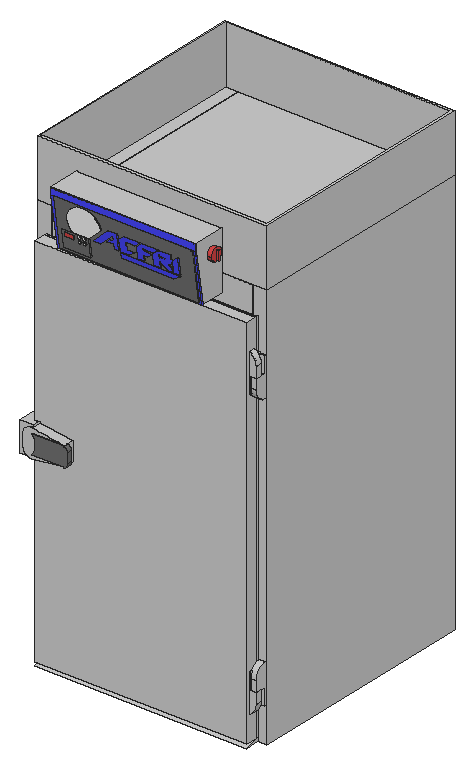
Revit family "QF_ACFRI_AR80-P740.190709093219", category Specialty Equipment, Revit 2016
Family settings
  Part Type = Normal
  Round Connector Dimension = Use Diameter
  OmniClass Number = 23.40.40.14
  OmniClass Title = Food Service Equipment
  Work Plane-Based = No
  Always vertical = Yes
  Cut with Voids When Loaded = No
  Shared = No
  Room Calculation Point = No
Parameters (values of type "AR80-P740_400V/0Ph/50Hz")
  URL catalogue = ""
  URL = "www.acfri.com"
  Type de Raccord Electrique [instance] = ""
  Type article [instance] = ""
  Tension = 400 V
  Status [instance] = ""
  Spécification technique = ""
  Spécification du Fabricant [instance] = ""
  Spécification de l'Utilisateur [instance] = ""
  SMACNA No spécifique pour les matériaux  Etats Unis = ""
  Quantité par lot [instance] = no
  Puissance électrique  = 5635 W
  Puissance en CV = ""
  Puissance Apparente = 5635 VA
  Protection de l'Appareil = 0 A
  Profondeur hors tout = 1145 mm
  Poids net à vide = 0.00 kg
  Phase = 1
  Numéro de Série = ""
  Nombres de Pôles = 1
  Nombre d'identification NAFEM = ""
  Model = "AR80-P740"
  Manufacturer = "ACFRI"
  Longueur hors tout = 1120 mm
  Intensité nominale courant electrique = 7 A
  Installé Par [instance] = ""
  Identifiant Equipement [instance] = no
  Hauteur hors tout = 2270 mm
  Hauteur de Raccordement du Sol Finis [instance] = 50 mm
  Hauteur de Raccordement du Sol Brut [instance] = 0 mm
  Fréquence = 50 Hz
  Fournis Par [instance] = ""
  Description = "CELLULE SÉRIE COMPACT À CHARIOT REFROIDISSEMENT, GROUPE À AIR À DISTANCE BASIC"
  Câble de connexion à l'appareil inclus = no
  Cost = 0
  Consommation d'énergie minimale = 0 A
  Connexion prise électrique  = ""
  Code de Révision [instance] = ""
  Classification dans le projet = ""
  Classement sismique = ""
  Accessoires = no
Reference planes
  plane 1 "Centre (avant/arrière)": y = 0
  plane 2: z = 0
  plane 3 "Centre (gauche/droite)": x = 0
Forms (mm)
  Extrusion 1, solid, not visible
    sketch origin (49, -2, 49) x (1, 0, 0) y (0, 1, 0)
      loop
        line (0, 0) -> (2, 0) -> (2, 2) -> (0, 2) -> (0, 0)
    from 0 to 2
Dimensions and locks
  aligned and locked: level to plane 2
Nested families
  nested 1: "QF_ACFRI_AR80-P740_400V_0Ph_50Hz" at (0, 0, 0), type "AR80-P740_400V/0Ph/50Hz"
    with Show Logo yes, Show Clearance yes
  nested 2: "QF_ACFRI_AR80-P740_DOOR_RX" at (0, 0, 0), type "AR80-P740_DOOR_RX"
    with Show Logo yes, Show Clearance yes
  nested 3: "QF_ACFRI_AR80-P740_COVER" at (0, 0, 0), type "AR80-P740_COVER"
    with Show Logo yes, Show Clearance yes
Connectors
  electrical at (50, 0, 50), driven by "Puissance Apparente", driven by "Nombres de Pôles", driven by "Tension"
    settings: on Extrusion 1, index 1, voltage 400 V, apparent load 0 VA, apparent load phase1 5635 VA, apparent load phase2 0 VA, apparent load phase3 0 VA, power factor 1, load classification "Other", number of poles 1, system type 31, power factor state 1, is connector primary yes, connector utility no, sub classification motor no, connector description "Electric connection for 'AR80-P740'"
Definition of nested family "QF_ACFRI_AR80-P740_400V_0Ph_50Hz"
  Parameters (values of type "AR80-P740_400V/0Ph/50Hz")
    URL = "www.acfri.com"
    Show Logo [instance] = yes
    Show Clearance [instance] = yes
    Model = "AR80-P740"
    Manufacturer = "ACFRI"
    Description = "ROLL-IN, COMPACT SERIES BLAST CHILLING, BASIC REMOTE AIR COOLED CONDENSING UNIT"
    Assembly Code = "E1090320"
  Types (3, lengths in mm): name | Model
    AR80-P740_400V/0Ph/50Hz | "AR80-P740"
    AR160-CPT | "AR160-CPT"
    AR160-N7 | "AR160-N7"
  Reference planes
    plane 1 "Back": y = 0
    plane 2: z = 0
    plane 3 "Left": x = 0
    plane 4 "Right": x = 1120
    plane 5 "Front": y = -1145
    plane 6 "Top": z = 2270
  Forms (mm)
    Extrusion 1, solid
      sketch origin (0, 0, -150) x (0, 1, 0) y (0, 0, 1)
        loop
          line (0, 2137.146) -> (-1145, 2137.146) -> (-1145, 150) -> (0, 150) -> (0, 2137.146)
      from 0 to 69.921
    Extrusion 2, solid
      sketch origin (182.316, -444.562, 282.298) x (0, 1, 0) y (0, 0, 1)
        loop
          line (-860.438, 1899.473) -> (-860.438, 1866.552) -> (-820.062, 1616.095) -> (-700.438, 1616.095) -> (-700.438, 1899.473) -> (-860.438, 1899.473)
      from 12.404 to 717.404
    Extrusion 3, solid
      sketch origin (0, -444.562, -150) x (1, 0, 0) y (0, 0, 1)
        loop
          line (44.439, 2007.452) -> (44.439, 167.649) -> (1075.481, 167.649) -> (1075.481, 2007.452) -> (44.439, 2007.452)
        loop
          line (69.921, 1982.146) -> (69.921, 187.955) -> (1050, 187.955) -> (1050, 1982.146) -> (69.921, 1982.146)
      from 700.438 to 711.223
    Extrusion 4, solid
      sketch origin (1058.08, 0, -150) x (0, 1, 0) y (0, 0, 1)
        loop
          line (0, 2137.146) -> (-1145, 2137.146) -> (-1145, 150) -> (0, 150) -> (0, 2137.146)
      from -8.08 to 61.92
    Extrusion 5, solid
      sketch origin (0, 0, -150) x (0, 1, 0) y (0, 0, 1)
        loop
          line (-1145, 2137.146) -> (-1145, 1982.146) -> (-1074.745, 1982.146) -> (-1074.745, 2052.146) -> (-68.458, 2052.146) -> (-68.458, 167) -> (-1145, 167) -> (-1145, 150) -> (0, 150) -> (0, 2137.146) -> (-1145, 2137.146)
      from 69.921 to 1050
    Extrusion 6, solid
      sketch origin (182.316, -444.562, 282.298) x (0, 1, 0) y (0, 0, 1)
        loop
          circle (-764.498, 1820.753) r 30.24
      from 717.404 to 742.404
    Extrusion 7, solid
      sketch origin (182.316, -444.562, 282.298) x (0, 1, 0) y (0, 0, 1)
        loop
          line (-759.416, 1843.51) -> (-767.3, 1843.902) -> (-769.581, 1797.996) -> (-761.696, 1797.604) -> (-759.416, 1843.51)
      from 742.404 to 757.404
    Extrusion 8, solid
      sketch origin (182.316, -444.562, 282.298) x (0, 1, 0) y (0, 0, 1)
        loop
          line (-860.438, 1866.552) -> (-862.464, 1866.552) -> (-823.174, 1622.834) -> (-821.149, 1622.834) -> (-860.438, 1866.552)
      from 26.504 to 703.304
    Extrusion 9, solid
      sketch origin (182.316, -444.562, 282.298) x (0, 1, 0) y (0, 0, 1)
        loop
          line (-859.438, 1899.473) -> (-861.438, 1899.473) -> (-861.438, 1866.392) -> (-821.088, 1616.095) -> (-819.062, 1616.095) -> (-859.438, 1866.552) -> (-859.438, 1899.473)
      from 12.404 to 717.404
    Extrusion 10, solid
      sketch origin (136.165, -1211.341, 1555.306) x (1, 0, 0) y (0, -0.159156, 0.987253)
        loop
          line (93.554, 456.477) -> (93.554, 370.438) -> (228.354, 370.438) -> (228.354, 456.477) -> (93.554, 456.477)
      from 0 to 2
    Extrusion 11, solid
      sketch origin (136.165, -1211.341, 1555.306) x (1, 0, 0) y (0, -0.159156, 0.987253)
        loop
          line (108.554, 446.477) -> (108.554, 426.477) -> (153.209, 426.477) -> (153.209, 446.477) -> (108.554, 446.477)
      from 0 to 2.5
    Extrusion 12, solid
      sketch origin (136.165, -1211.341, 1555.306) x (1, 0, 0) y (0, -0.159156, 0.987253)
        loop
          circle (180.595, 446.477) r 7.041
        loop
          circle (205.595, 446.477) r 6.977
        loop
          circle (180.595, 426.477) r 6.969
        loop
          circle (205.595, 426.477) r 6.966
      from 0 to 2.5
    Extrusion 13, solid, visible <- "Show Logo"
      sketch origin (234.825, -1224.491, 1643.163) x (1, 0, 0) y (0, -0.159156, 0.987253)
        loop
          line (129.695, 367.647) -> (196.524, 434.476)
          arc (196.524, 434.476) -> (78.635, 500.079) -> (52.881, 367.647) r 83.333
          line (52.881, 367.647) -> (129.695, 367.647)
      from 0 to 2.5
    Extrusion 14, solid, visible <- "Show Logo"
      sketch origin (69.786, -1224.491, 1643.163) x (1, 0, 0) y (0, -0.159156, 0.987253)
        loop
          line (318.631, 367.647) -> (353.299, 367.647) -> (418.664, 433.012) -> (418.664, 406.346) -> (398.768, 406.346) -> (383.537, 391.115) -> (418.664, 391.115) -> (418.664, 367.647) -> (441.167, 367.647) -> (441.167, 447.647) -> (398.631, 447.647) -> (318.631, 367.647)
        loop
          line (448.944, 367.647) -> (493.774, 367.647) -> (521.549, 389.347) -> (479.182, 389.347) -> (479.182, 425.709) -> (524.998, 425.709) -> (553.077, 447.647) -> (475.047, 447.647) -> (448.944, 427.254) -> (448.944, 367.647)
        loop
          line (532.515, 367.647) -> (565.319, 367.647) -> (565.319, 394.314) -> (583.754, 394.314) -> (607.252, 414.031) -> (565.319, 414.031) -> (565.319, 425.49) -> (611.115, 425.49) -> (639.475, 447.647) -> (562.906, 447.647) -> (532.515, 422.146) -> (532.515, 367.647)
        loop
          line (611.712, 367.647) -> (644.318, 367.647) -> (644.318, 395.695) -> (682.923, 367.647) -> (702.113, 367.647) -> (702.113, 386.053) -> (689.341, 396.77) -> (702.113, 406.748) -> (702.113, 447.647) -> (647.314, 447.647) -> (611.712, 417.774) -> (611.712, 367.647)
        loop
          line (644.318, 425.49) -> (644.318, 414.031) -> (672.553, 414.031) -> (672.553, 425.49) -> (644.318, 425.49)
        loop
          line (708.789, 367.647) -> (739.436, 367.647) -> (739.436, 447.647) -> (708.789, 423.703) -> (708.789, 367.647)
        loop
          line (448.944, 360.305) -> (448.944, 337.873) -> (706.045, 337.873) -> (739.301, 360.305) -> (448.944, 360.305)
      from 0 to 2.5
    Extrusion 15, solid
      sketch origin (0, 5, 0) x (1, 0, 0) y (0, 0, 1)
        loop
          circle (50, 50) r 5
      from 0 to 5
    Extrusion 16, solid
      sketch origin (0, -160, 0) x (0, 1, 0) y (0, 0, 1)
        loop
          line (-985, 0) -> (-985, 17) -> (-1055, 0) -> (-985, 0)
      from 44.439 to 1075.561
  Lines and regions (mm)
    symbolic lines
      curve 1: line (0, 0, 0) -> (1120, 0, 0)
      curve 2: line (0, -1145, 0) -> (0, 0, 0)
      curve 3: line (1120, -1145, 0) -> (0, -1145, 0)
      curve 4: line (1120, 0, 0) -> (1120, -1145, 0)
      curve 5: line (194.72, -1145, 0) -> (194.72, -1305, 0)
      curve 6: line (194.72, -1305, 0) -> (899.72, -1305, 0)
      curve 7: line (899.72, -1305, 0) -> (899.72, -1145, 0)
      curve 8: line (924.72, -1178.82, 0) -> (899.72, -1178.82, 0)
      curve 9: line (924.72, -1178.82, 0) -> (924.72, -1239.3, 0)
      curve 10: line (924.72, -1239.3, 0) -> (899.72, -1239.3, 0)
      curve 11: line (939.72, -1214.142, 0) -> (939.72, -1203.977, 0)
      curve 12: line (939.72, -1203.977, 0) -> (924.72, -1203.977, 0)
      curve 13: line (939.72, -1214.142, 0) -> (924.72, -1214.142, 0)
      curve 14: line (44.439, -1145, 0) -> (44.439, -1215, 0)
      curve 15: line (1075.561, -1145, 0) -> (1075.561, -1215, 0)
      curve 16: line (44.439, -1215, 0) -> (194.72, -1215, 0)
      curve 17: line (1075.561, -1215, 0) -> (924.72, -1215, 0)
  Dimensions and locks
    plane 3 "Left" to plane 4 "Right" = 1120 mm
    plane 5 "Front" to plane 1 "Back" = 1145 mm
    plane 6 "Top" to level = 2270 mm
    aligned and locked: level to plane 2
  Connectors
    electrical at (50, 5, 50)
      settings: on Extrusion 15, index 1, voltage 0 V, apparent load 0 VA, apparent load phase1 0 VA, apparent load phase2 0 VA, apparent load phase3 0 VA, power factor 1, load classification none, number of poles 1, system type 31, power factor state 1, is connector primary yes, connector utility no, sub classification motor no, connector description "Electrical connection"
Definition of nested family "QF_ACFRI_AR80-P740_DOOR_RX"
  Parameters (values of type "AR80-P740_DOOR_RX")
    URL catalogue [instance] = ""
    URL = "www.acfri.com"
    Status [instance] = ""
    Spécification technique [instance] = ""
    Spécification du Fabricant [instance] = ""
    Spécification de l'Utilisateur [instance] = ""
    Show Logo [instance] = yes
    Show Clearance [instance] = yes
    SMACNA No spécifique pour les matériaux  Etats Unis [instance] = ""
    Quantité par lot [instance] = no
    Profondeur hors tout [instance] = 60 mm
    Poids net à vide [instance] = 0.00 kg
    Numéro de Série [instance] = ""
    Nombre d'identification NAFEM [instance] = ""
    Model = "AR80-P740_DOOR_RX"
    Manufacturer = "ACFRI"
    Longueur hors tout [instance] = 1030 mm
    Installé Par [instance] = ""
    Identifiant Equipement [instance] = no
    Hauteur hors tout [instance] = 1840 mm
    Fournis Par [instance] = ""
    Description = "PORTE AVEC OUVERTURE DROITE"
    Cost = 0
    Code de Révision [instance] = ""
    Classification dans le projet [instance] = ""
    Classement sismique [instance] = ""
    Assembly Code = "E1090320"
    Accessoires [instance] = yes
  Reference planes
    plane 1 "Back": y = 0
    plane 2: z = 0
    plane 3 "Left": x = 0
    plane 4 "Right": x = 1120
    plane 5 "Front": y = -1145
    plane 6 "Top": z = 2270
  Forms (mm)
    Extrusion 1, solid
      sketch origin (100, -160, 0) x (1, 0, 0) y (0, 0, 1)
        loop
          line (-55.561, 1857.452) -> (-55.561, 17.649) -> (975.561, 17.649) -> (975.561, 1857.452) -> (-55.561, 1857.452)
      from 995.785 to 1055
    Extrusion 2, solid
      sketch origin (116.532, -160, 0) x (1, 0, 0) y (0, 0, 1)
        loop
          line (113.468, 1049.125) -> (-48.815, 1069.051)
          arc (-48.815, 1069.051) -> (-79.244, 1056.446) -> (-91.848, 1026.017) r 43.033
          line (-91.848, 1026.017) -> (-91.848, 978.102)
          arc (-91.848, 978.102) -> (-79.244, 947.673) -> (-48.815, 935.069) r 43.033
          line (-48.815, 935.069) -> (113.468, 954.995) -> (113.468, 1049.125)
      from 1055.785 to 1105.372
    Extrusion 3, solid
      sketch origin (116.532, -1271.785, 0) x (1, 0, 0) y (0, 0, 1)
        loop
          arc (134.453, 1025.73) -> (127.816, 1041.753) -> (111.793, 1048.39) r 22.66
          line (111.793, 1048.39) -> (-40.547, 1048.39)
          arc (-40.547, 1048.39) -> (-24.991, 1002.06) -> (-40.547, 955.73) r 76.77
          line (-40.547, 955.73) -> (111.793, 955.73)
          arc (111.793, 955.73) -> (127.816, 962.367) -> (134.453, 978.39) r 22.66
          line (134.453, 978.39) -> (134.453, 1025.73)
      from -19.846 to 0.154
    Extrusion 4, solid
      sketch origin (328.698, 30, 0) x (0, 1, 0) y (0, 0, 1)
        loop
          line (-1175, 1703.284) -> (-1185, 1703.284) -> (-1185, 1623.308) -> (-1233.008, 1623.308) -> (-1233.008, 1571.46)
          arc (-1233.008, 1571.46) -> (-1216.018, 1530.442) -> (-1175, 1513.452) r 58.008
          line (-1175, 1513.452) -> (-1175, 1703.284)
      from 756.862 to 786.362
    Extrusion 5, solid
      sketch origin (-99.439, -1959.87, 3246.615) x (-1, 0, 0) y (0, 0, 1)
        loop
          line (-1175, -1703.284) -> (-1175, -1516.484)
          arc (-1175, -1516.484) -> (-1203.601, -1537.613) -> (-1214.5, -1571.46) r 58.008
          line (-1214.5, -1571.46) -> (-1214.5, -1623.308) -> (-1185, -1623.308) -> (-1185, -1703.284) -> (-1175, -1703.284)
      from 756.862 to 786.362
    Extrusion 6, solid
      sketch origin (328.698, 30, 1875.101) x (0, 1, 0) y (0, 0, 1)
        loop
          line (-1175, -1703.284) -> (-1175, -1513.452)
          arc (-1175, -1513.452) -> (-1216.018, -1530.442) -> (-1233.008, -1571.46) r 58.008
          line (-1233.008, -1571.46) -> (-1233.008, -1623.308) -> (-1185, -1623.308) -> (-1185, -1703.284) -> (-1175, -1703.284)
      from 756.862 to 786.362
    Extrusion 7, solid
      sketch origin (-99.439, -1959.87, -1371.514) x (-1, 0, 0) y (0, 0, 1)
        loop
          line (-1175, 1703.284) -> (-1185, 1703.284) -> (-1185, 1623.308) -> (-1214.5, 1623.308) -> (-1214.5, 1571.46)
          arc (-1214.5, 1571.46) -> (-1203.601, 1537.613) -> (-1175, 1516.484) r 58.008
          line (-1175, 1516.484) -> (-1175, 1703.284)
      from 756.862 to 786.362
    Extrusion 8, solid
      sketch origin (0, -160, 0) x (1, 0, 0) y (0, 0, 1)
        loop
          line (67.717, 1069.051) -> (67.717, 1074.051) -> (0, 1074.051) -> (0, 930.069) -> (67.717, 930.069) -> (67.717, 935.069)
          arc (67.717, 935.069) -> (37.288, 947.673) -> (24.684, 978.102) r 43.033
          line (24.684, 978.102) -> (24.684, 1026.017)
          arc (24.684, 1026.017) -> (37.288, 1056.446) -> (67.717, 1069.051) r 43.033
      from 985 to 1091.939
    Extrusion 9, solid, visible <- "Show Clearance", detail levels coarse
      sketch origin (100, -160, 0) x (1, 0, 0) y (0, 1, 0)
        loop
          line (975.561, -1055) -> (-55.561, -1055)
          arc (-55.561, -1055) -> (225.535, -1762.582) -> (915.561, -2084.374) r 1031.121
          line (915.561, -2084.374) -> (975.561, -2084.374) -> (975.561, -1055)
      from 17.649 to 1857.452
  Lines and regions (mm)
    symbolic lines, visible <- "Show Clearance"
      curve 1: line (1075.561, -2244.374, 0) -> (1075.561, -1215, 0)
      curve 2: line (1015.561, -2244.374, 0) -> (1075.561, -2244.374, 0)
      curve 3: line (1015.561, -2244.374, 0) -> (1015.561, -1215, 0)
      curve 4: arc (1015.561, -2244.374, 0) -> (325.535, -1922.582, 0) -> (44.439, -1215, 0) r 1031.121
  Dimensions and locks
    plane 3 "Left" to plane 4 "Right" = 1120 mm
    plane 5 "Front" to plane 1 "Back" = 1145 mm
    plane 6 "Top" to level = 2270 mm
    aligned and locked: level to plane 2
Definition of nested family "QF_ACFRI_AR80-P740_COVER"
  Parameters (values of type "AR80-P740_COVER")
    URL catalogue [instance] = ""
    URL = "www.acfri.com"
    Status [instance] = ""
    Spécification technique [instance] = ""
    Spécification du Fabricant [instance] = ""
    Spécification de l'Utilisateur [instance] = ""
    Show Logo [instance] = yes
    Show Clearance [instance] = yes
    SMACNA No spécifique pour les matériaux  Etats Unis [instance] = ""
    Quantité par lot [instance] = no
    Profondeur hors tout [instance] = 985 mm
    Poids net à vide [instance] = 0.00 kg
    Numéro de Série [instance] = ""
    Nombre d'identification NAFEM [instance] = ""
    Model = "AR80-P740_COVER"
    Manufacturer = "ACFRI"
    Longueur hors tout [instance] = 1120 mm
    Installé Par [instance] = ""
    Identifiant Equipement [instance] = no
    Hauteur hors tout [instance] = 220 mm
    Fournis Par [instance] = ""
    Description = "COUVERCLE STANDARD"
    Cost = 0
    Code de Révision [instance] = ""
    Classification dans le projet [instance] = ""
    Classement sismique [instance] = ""
    Assembly Code = "E1090320"
    Accessoires [instance] = yes
  Reference planes
    plane 1 "Back": y = 0
    plane 2: z = 0
    plane 3 "Left": x = 0
    plane 4 "Right": x = 1120
    plane 5 "Front": y = -1145
    plane 6 "Top": z = 2270
  Forms (mm)
    Extrusion 1, solid
      sketch origin (0, 0, 363.091) x (1, 0, 0) y (0, 1, 0)
        loop
          line (0, 0) -> (0, -1145) -> (1120, -1145) -> (1120, 0) -> (0, 0)
        loop
          line (10, -10) -> (10, -1135) -> (1110, -1135) -> (1110, -10) -> (10, -10)
      from 1624.055 to 1906.909
  Lines and regions (mm)
    symbolic lines
      curve 1: line (0, 0, 0) -> (1120, 0, 0)
      curve 2: line (0, -1145, 0) -> (0, 0, 0)
      curve 3: line (1120, -1145, 0) -> (0, -1145, 0)
      curve 4: line (1120, 0, 0) -> (1120, -1145, 0)
      curve 5: line (10, -10, 0) -> (1110, -10, 0)
      curve 6: line (10, -1135, 0) -> (10, -10, 0)
      curve 7: line (1110, -1135, 0) -> (10, -1135, 0)
      curve 8: line (1110, -10, 0) -> (1110, -1135, 0)
  Dimensions and locks
    plane 3 "Left" to plane 4 "Right" = 1120 mm
    plane 5 "Front" to plane 1 "Back" = 1145 mm
    plane 6 "Top" to level = 2270 mm
    aligned and locked: level to plane 2
